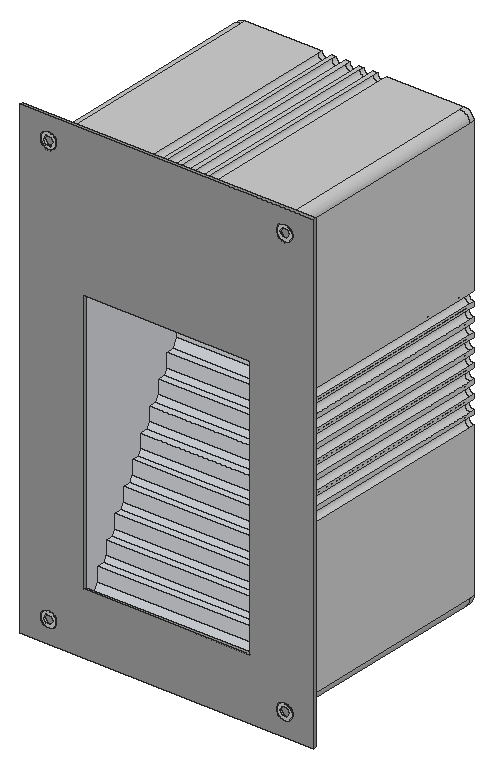
Revit family "WALL LIGHT 02_LK2007CW", category Luminarias, Revit 2019
Family settings
  Cota de conector redondo = Diámetro de uso
  Tipo de pieza = Normal
  Se basa en plano de trabajo = Sí
  Siempre vertical = No
  Corte con vacíos al cargar = No
  Origen de luz = Sí
  Compartido = No
  Punto de cálculo de habitación = No
Parameters (values of type "WALL LIGHT 02_LK2007CW")
  Zone [instance] = ""
  Watt per fixture = 4
  Wattage = 4 W
  built-in parameter 1150107 = 6000 (stored number, unit not read)
  Tamaño de símbolo de origen de luz = 500 mm
  built-in parameter 1150110 = 1 (stored number, unit not read)
  built-in parameter 1150109 = 1 (stored number, unit not read)
  built-in parameter 1150112 = 1 (stored number, unit not read)
  built-in parameter 1150113 = 1 (stored number, unit not read)
  built-in parameter 1114218 = 1 (stored number, unit not read)
  Keynote = ""
  built-in parameter 1150137 = (empty or 0)
  built-in parameter 1150132 = (empty or 0)
  Modelo = "LK2007CW"
  Lámpara = "SMD 3020"
  Longitud [instance] = 1000 mm
  built-in parameter 1150105 = 21.008 (stored number, unit not read)
  built-in parameter 1150102 = (empty or 0)
  built-in parameter 1150106 = 0.21008 (stored number, unit not read)
  Lumens = 66 lm
  Color Filter = 16777215
  built-in parameter 1114217 = 1 (stored number, unit not read)
  built-in parameter 1150139 = (empty or 0)
  Fabricante = "BRILLANT"
  Default Elevation = 0 mm
  built-in parameter 1150104 = 1.5329 (stored number, unit not read)
  Descripción = "LUMINARIA TIPO RECTANGULAR PARA EMPOTRAR EN MURO CON CUERPO DE ALUMINIO FUNDIDO A PRESION CUBIERTO CON POLVO GRIS OSCURO, IP 65 USO PARA INTERIORES O EXTERIORES CON CUERPO DE 0.1KG, CUENTA CON 20 LED TIPO SMD3020 CON UNA POTENCIA TOTAL DE 4W, A UNA TEMPERATURA EN BLANCO FRIO 6000K CON 66 LUMENES, EFICIENCIA DE 16.5LM/W, IRC 80, APERTURA A 120 GRADOS EN STOCK, 38mA EN CORRIENTE DE OPERACIÓN, ALIMENTADA A 100-240V."
  built-in parameter 1150115 = 1 (stored number, unit not read)
  built-in parameter 1150114 = 1 (stored number, unit not read)
  Comentarios de vataje = "100-240V"
  built-in parameter 1150138 = (empty or 0)
  built-in parameter 1150134 = 5
  Circuit [instance] = ""
  Dimming Lamp Color Temperature Shift = (empty or 0)
  built-in parameter 1150133 = 10 (stored number, unit not read)
Reference planes
  plane 1 "Centro (Frontal/Posterior)": y = 0
  plane 2: z = 0
  plane 3 "Centro (Izquierda/Derecha)": x = 0
Forms (mm)
  Extrusion 1, solid, material "Acabado Blanco"
    sketch origin (0, 0, 0) x (1, 0, 0) y (0, 0, 1)
      loop
        line (-53, 171) -> (-53, 0) -> (53, 0) -> (53, 171) -> (-53, 171)
      loop
        line (-30, 117.305) -> (-30, 22.305) -> (30, 22.305) -> (30, 117.305) -> (-30, 117.305)
    from -1.076 to 0
  Extrusion 2, solid, material "Acero Inoxidable"
    sketch origin (0, 0, 0) x (1, 0, 0) y (0, 0, 1)
      loop
        arc (-39.538, 165.5) -> (-41.986, 164.486) -> (-43, 162.038) r 3.462
        line (-43, 162.038) -> (-43, 107.198)
        arc (-43, 107.198) -> (-41.302, 105.5) -> (-43, 103.802) r 1.698
        line (-43, 103.802) -> (-43, 102.198)
        arc (-43, 102.198) -> (-41.302, 100.5) -> (-43, 98.802) r 1.698
        line (-43, 98.802) -> (-43, 97.198)
        arc (-43, 97.198) -> (-41.302, 95.5) -> (-43, 93.802) r 1.698
        line (-43, 93.802) -> (-43, 92.198)
        arc (-43, 92.198) -> (-41.302, 90.5) -> (-43, 88.802) r 1.698
        line (-43, 88.802) -> (-43, 87.198)
        arc (-43, 87.198) -> (-41.302, 85.5) -> (-43, 83.802) r 1.698
        line (-43, 83.802) -> (-43, 82.198)
        arc (-43, 82.198) -> (-41.302, 80.5) -> (-43, 78.802) r 1.698
        line (-43, 78.802) -> (-43, 77.198)
        arc (-43, 77.198) -> (-41.302, 75.5) -> (-43, 73.802) r 1.698
        line (-43, 73.802) -> (-43, 72.198)
        arc (-43, 72.198) -> (-41.302, 70.5) -> (-43, 68.802) r 1.698
        line (-43, 68.802) -> (-43, 67.198)
        arc (-43, 67.198) -> (-41.302, 65.5) -> (-43, 63.802) r 1.698
        line (-43, 63.802) -> (-43, 8.5)
        arc (-43, 8.5) -> (-41.986, 6.052) -> (-39.538, 5.038) r 3.462
        line (-39.538, 5.038) -> (-11.698, 5.038)
        arc (-11.698, 5.038) -> (-10, 6.735) -> (-8.302, 5.038) r 1.698
        line (-8.302, 5.038) -> (-6.698, 5.038)
        arc (-6.698, 5.038) -> (-5, 6.735) -> (-3.302, 5.038) r 1.698
        line (-3.302, 5.038) -> (-1.698, 5.038)
        arc (-1.698, 5.038) -> (0, 6.735) -> (1.698, 5.038) r 1.698
        line (1.698, 5.038) -> (3.302, 5.038)
        arc (3.302, 5.038) -> (5, 6.735) -> (6.698, 5.038) r 1.698
        line (6.698, 5.038) -> (8.302, 5.038)
        arc (8.302, 5.038) -> (10, 6.735) -> (11.698, 5.038) r 1.698
        line (11.698, 5.038) -> (39.538, 5.038)
        arc (39.538, 5.038) -> (41.986, 6.052) -> (43, 8.5) r 3.462
        line (43, 8.5) -> (43, 63.802)
        arc (43, 63.802) -> (41.302, 65.5) -> (43, 67.198) r 1.698
        line (43, 67.198) -> (43, 68.802)
        arc (43, 68.802) -> (41.302, 70.5) -> (43, 72.198) r 1.698
        line (43, 72.198) -> (43, 73.802)
        arc (43, 73.802) -> (41.302, 75.5) -> (43, 77.198) r 1.698
        line (43, 77.198) -> (43, 78.802)
        arc (43, 78.802) -> (41.302, 80.5) -> (43, 82.198) r 1.698
        line (43, 82.198) -> (43, 83.802)
        arc (43, 83.802) -> (41.302, 85.5) -> (43, 87.198) r 1.698
        line (43, 87.198) -> (43, 88.802)
        arc (43, 88.802) -> (41.302, 90.5) -> (43, 92.198) r 1.698
        line (43, 92.198) -> (43, 93.802)
        arc (43, 93.802) -> (41.302, 95.5) -> (43, 97.198) r 1.698
        line (43, 97.198) -> (43, 98.802)
        arc (43, 98.802) -> (41.302, 100.5) -> (43, 102.198) r 1.698
        line (43, 102.198) -> (43, 103.802)
        arc (43, 103.802) -> (41.302, 105.5) -> (43, 107.198) r 1.698
        line (43, 107.198) -> (43, 162.038)
        arc (43, 162.038) -> (41.986, 164.486) -> (39.538, 165.5) r 3.462
        line (39.538, 165.5) -> (11.698, 165.5)
        arc (11.698, 165.5) -> (10, 163.802) -> (8.302, 165.5) r 1.698
        line (8.302, 165.5) -> (6.698, 165.5)
        arc (6.698, 165.5) -> (5, 163.802) -> (3.302, 165.5) r 1.698
        line (3.302, 165.5) -> (1.698, 165.5)
        arc (1.698, 165.5) -> (0, 163.802) -> (-1.698, 165.5) r 1.698
        line (-1.698, 165.5) -> (-3.302, 165.5)
        arc (-3.302, 165.5) -> (-5, 163.802) -> (-6.698, 165.5) r 1.698
        line (-6.698, 165.5) -> (-8.302, 165.5)
        arc (-8.302, 165.5) -> (-10, 163.802) -> (-11.698, 165.5) r 1.698
        line (-11.698, 165.5) -> (-39.538, 165.5)
      loop
        line (-38, 10.038) -> (-1.335, 10.038)
        arc (-1.335, 10.038) -> (0, 15.741) -> (1.335, 10.038) r 3.008
        line (1.335, 10.038) -> (38, 10.038) -> (38, 20.09) -> (35.031, 20.09) -> (35.031, 20.89) -> (36.594, 20.89) -> (36.594, 24.29) -> (35.031, 24.29) -> (35.031, 25.09) -> (38, 25.09) -> (38, 35.09) -> (35.031, 35.09) -> (35.031, 35.89) -> (36.594, 35.89) -> (36.594, 39.29) -> (35.031, 39.29) -> (35.031, 40.09) -> (38, 40.09) -> (38, 60.09) -> (35.031, 60.09) -> (35.031, 60.89) -> (36.594, 60.89) -> (36.594, 64.29) -> (35.031, 64.29) -> (35.031, 65.09) -> (38, 65.09) -> (38, 105.09) -> (35.031, 105.09) -> (35.031, 105.89) -> (36.594, 105.89) -> (36.594, 109.29) -> (35.031, 109.29) -> (35.031, 110.09) -> (38, 110.09) -> (38, 140.09) -> (35.031, 140.09) -> (35.031, 140.89) -> (36.594, 140.89) -> (36.594, 144.29) -> (35.031, 144.29) -> (35.031, 145.09) -> (38, 145.09) -> (38, 160.5) -> (1.335, 160.5)
        arc (1.335, 160.5) -> (0, 154.797) -> (-1.335, 160.5) r 3.008
        line (-1.335, 160.5) -> (-38, 160.5) -> (-38, 145.09) -> (-35.031, 145.09) -> (-35.031, 144.29) -> (-36.594, 144.29) -> (-36.594, 140.89) -> (-35.031, 140.89) -> (-35.031, 140.09) -> (-38, 140.09) -> (-38, 110.09) -> (-35.031, 110.09) -> (-35.031, 109.29) -> (-36.594, 109.29) -> (-36.594, 105.89) -> (-35.031, 105.89) -> (-35.031, 105.09) -> (-38, 105.09) -> (-38, 65.09) -> (-35.031, 65.09) -> (-35.031, 64.29) -> (-36.594, 64.29) -> (-36.594, 60.89) -> (-35.031, 60.89) -> (-35.031, 60.09) -> (-38, 60.09) -> (-38, 40.09) -> (-35.031, 40.09) -> (-35.031, 39.29) -> (-36.594, 39.29) -> (-36.594, 35.89) -> (-35.031, 35.89) -> (-35.031, 35.09) -> (-38, 35.09) -> (-38, 25.09) -> (-35.031, 25.09) -> (-35.031, 24.29) -> (-36.594, 24.29) -> (-36.594, 20.89) -> (-35.031, 20.89) -> (-35.031, 20.09) -> (-38, 20.09) -> (-38, 10.038)
      loop
        circle (0, 12.733) r 0.781
      loop
        circle (0, 157.805) r 0.781
    from -82.701 to -1.076
  Extrusion 3, solid, material "Acero Inoxidable"
    sketch origin (0, 0, 0) x (1, 0, 0) y (0, 0, 1)
      loop
        arc (-39.538, 165.5) -> (-41.986, 164.486) -> (-43, 162.038) r 3.462
        line (-43, 162.038) -> (-43, 107.198)
        arc (-43, 107.198) -> (-41.302, 105.5) -> (-43, 103.802) r 1.698
        line (-43, 103.802) -> (-43, 102.198)
        arc (-43, 102.198) -> (-41.302, 100.5) -> (-43, 98.802) r 1.698
        line (-43, 98.802) -> (-43, 97.198)
        arc (-43, 97.198) -> (-41.302, 95.5) -> (-43, 93.802) r 1.698
        line (-43, 93.802) -> (-43, 92.198)
        arc (-43, 92.198) -> (-41.302, 90.5) -> (-43, 88.802) r 1.698
        line (-43, 88.802) -> (-43, 87.198)
        arc (-43, 87.198) -> (-41.302, 85.5) -> (-43, 83.802) r 1.698
        line (-43, 83.802) -> (-43, 82.198)
        arc (-43, 82.198) -> (-41.302, 80.5) -> (-43, 78.802) r 1.698
        line (-43, 78.802) -> (-43, 77.198)
        arc (-43, 77.198) -> (-41.302, 75.5) -> (-43, 73.802) r 1.698
        line (-43, 73.802) -> (-43, 72.198)
        arc (-43, 72.198) -> (-41.302, 70.5) -> (-43, 68.802) r 1.698
        line (-43, 68.802) -> (-43, 67.198)
        arc (-43, 67.198) -> (-41.302, 65.5) -> (-43, 63.802) r 1.698
        line (-43, 63.802) -> (-43, 8.5)
        arc (-43, 8.5) -> (-41.986, 6.052) -> (-39.538, 5.038) r 3.462
        line (-39.538, 5.038) -> (-11.698, 5.038)
        arc (-11.698, 5.038) -> (-10, 6.735) -> (-8.302, 5.038) r 1.698
        line (-8.302, 5.038) -> (-6.698, 5.038)
        arc (-6.698, 5.038) -> (-5, 6.735) -> (-3.302, 5.038) r 1.698
        line (-3.302, 5.038) -> (-1.698, 5.038)
        arc (-1.698, 5.038) -> (0, 6.735) -> (1.698, 5.038) r 1.698
        line (1.698, 5.038) -> (3.302, 5.038)
        arc (3.302, 5.038) -> (5, 6.735) -> (6.698, 5.038) r 1.698
        line (6.698, 5.038) -> (8.302, 5.038)
        arc (8.302, 5.038) -> (10, 6.735) -> (11.698, 5.038) r 1.698
        line (11.698, 5.038) -> (39.538, 5.038)
        arc (39.538, 5.038) -> (41.986, 6.052) -> (43, 8.5) r 3.462
        line (43, 8.5) -> (43, 63.802)
        arc (43, 63.802) -> (41.302, 65.5) -> (43, 67.198) r 1.698
        line (43, 67.198) -> (43, 68.802)
        arc (43, 68.802) -> (41.302, 70.5) -> (43, 72.198) r 1.698
        line (43, 72.198) -> (43, 73.802)
        arc (43, 73.802) -> (41.302, 75.5) -> (43, 77.198) r 1.698
        line (43, 77.198) -> (43, 78.802)
        arc (43, 78.802) -> (41.302, 80.5) -> (43, 82.198) r 1.698
        line (43, 82.198) -> (43, 83.802)
        arc (43, 83.802) -> (41.302, 85.5) -> (43, 87.198) r 1.698
        line (43, 87.198) -> (43, 88.802)
        arc (43, 88.802) -> (41.302, 90.5) -> (43, 92.198) r 1.698
        line (43, 92.198) -> (43, 93.802)
        arc (43, 93.802) -> (41.302, 95.5) -> (43, 97.198) r 1.698
        line (43, 97.198) -> (43, 98.802)
        arc (43, 98.802) -> (41.302, 100.5) -> (43, 102.198) r 1.698
        line (43, 102.198) -> (43, 103.802)
        arc (43, 103.802) -> (41.302, 105.5) -> (43, 107.198) r 1.698
        line (43, 107.198) -> (43, 162.038)
        arc (43, 162.038) -> (41.986, 164.486) -> (39.538, 165.5) r 3.462
        line (39.538, 165.5) -> (11.698, 165.5)
        arc (11.698, 165.5) -> (10, 163.802) -> (8.302, 165.5) r 1.698
        line (8.302, 165.5) -> (6.698, 165.5)
        arc (6.698, 165.5) -> (5, 163.802) -> (3.302, 165.5) r 1.698
        line (3.302, 165.5) -> (1.698, 165.5)
        arc (1.698, 165.5) -> (0, 163.802) -> (-1.698, 165.5) r 1.698
        line (-1.698, 165.5) -> (-3.302, 165.5)
        arc (-3.302, 165.5) -> (-5, 163.802) -> (-6.698, 165.5) r 1.698
        line (-6.698, 165.5) -> (-8.302, 165.5)
        arc (-8.302, 165.5) -> (-10, 163.802) -> (-11.698, 165.5) r 1.698
        line (-11.698, 165.5) -> (-39.538, 165.5)
    from -84.639 to -82.701
  Extrusion 4, void
    sketch origin (0, 0, 0) x (1, 0, 0) y (0, 0, 1)
      loop
        circle (-27.369, 149.109) r 5
      loop
        circle (27.772, 24.918) r 5
    from -84.639 to -82.701
  Extrusion 5, solid
    sketch origin (-5.531, 0, 17.605) x (0, 0, 1) y (0, -1, 0)
      loop
        line (-3.951, -1.076) -> (-8.951, -1.076) -> (-8.951, -3.993) -> (66.551, -46.683) -> (104.699, -46.683) -> (104.699, -1.076) -> (99.699, -1.076) -> (99.699, -41.683) -> (68.034, -41.683) -> (65.03, -39.985) -> (65.03, -37.252) -> (60.03, -37.252) -> (58.08, -36.15) -> (58.08, -33.323) -> (53.08, -33.323) -> (51.13, -32.22) -> (51.13, -29.393) -> (46.13, -29.393) -> (44.179, -28.29) -> (44.179, -25.463) -> (39.179, -25.463) -> (37.229, -24.36) -> (37.229, -21.533) -> (32.229, -21.533) -> (30.279, -20.43) -> (30.279, -17.603) -> (25.279, -17.603) -> (23.328, -16.501) -> (23.328, -13.674) -> (18.328, -13.674) -> (16.378, -12.571) -> (16.378, -9.744) -> (11.378, -9.744) -> (9.613, -8.746) -> (9.613, -5.919) -> (4.613, -5.919) -> (-3.951, -1.076)
    from -24.469 to 35.531
  Extrusion 6, solid
    sketch origin (0, 0, 0) x (1, 0, 0) y (0, 0, 1)
      loop
        line (-30, 117.305) -> (-30, 8.654) -> (30, 8.654) -> (30, 117.305) -> (-30, 117.305)
      loop
        line (-31.5, 118.805) -> (-31.5, 7.154) -> (31.5, 7.154) -> (31.5, 118.805) -> (-31.5, 118.805)
    from -1.076 to -48.145
  Extrusion 7, void
    sketch origin (0, 0, 0) x (1, 0, 0) y (0, 0, 1)
      loop
        circle (-42.647, 162.89) r 3.001
      loop
        circle (42.647, 162.89) r 3.001
      loop
        circle (-42.647, 8.11) r 3.001
      loop
        circle (42.647, 8.11) r 3.001
    from -0.64 to 0
  Extrusion 8, solid, material "Acero Inoxidable"
    sketch origin (0, 0, 0) x (1, 0, 0) y (0, 0, 1)
      loop
        line (-43.564, 164.479) -> (-44.481, 162.89) -> (-43.564, 161.301) -> (-41.73, 161.301) -> (-40.812, 162.89) -> (-41.73, 164.479) -> (-43.564, 164.479)
      loop
        circle (-42.647, 162.89) r 2.697
      loop
        line (43.564, 164.479) -> (41.73, 164.479) -> (40.812, 162.89) -> (41.73, 161.301) -> (43.564, 161.301) -> (44.481, 162.89) -> (43.564, 164.479)
      loop
        circle (42.647, 162.89) r 2.697
      loop
        line (-43.564, 6.521) -> (-41.73, 6.521) -> (-40.812, 8.11) -> (-41.73, 9.699) -> (-43.564, 9.699) -> (-44.481, 8.11) -> (-43.564, 6.521)
      loop
        circle (-42.647, 8.11) r 2.697
      loop
        line (43.564, 6.521) -> (44.481, 8.11) -> (43.564, 9.699) -> (41.73, 9.699) -> (40.812, 8.11) -> (41.73, 6.521) -> (43.564, 6.521)
      loop
        circle (42.647, 8.11) r 2.697
    from -0.582 to 0
Cuts and joins
  Extrusion 4, Extrusion 7 cuts Extrusion 1
  Extrusion 4 cuts Extrusion 3
  joined: Extrusion 2, Extrusion 3
Lines and regions (mm)
  model lines
    curve 1: line (0, 65, 10.35) -> (0, 40, 10.35)
Dimensions and locks
  Extrusion 2 sketch curve to Extrusion 2 sketch curve = 160.462 mm
  Extrusion 2 sketch curve to Extrusion 2 sketch curve = 86 mm
  plane 1 "Centro (Frontal/Posterior)" to Extrusion 2 = 82.701 mm
  cut or joined group of Extrusion 2, Extrusion 3, Extrusion 4 to cut or joined group of Extrusion 2, Extrusion 3, Extrusion 4 = 160.462 mm
  cut or joined group of Extrusion 1, Extrusion 4, Extrusion 7 to cut or joined group of Extrusion 1, Extrusion 4, Extrusion 7 = 171 mm
  cut or joined group of Extrusion 1, Extrusion 4, Extrusion 7 to cut or joined group of Extrusion 2, Extrusion 3, Extrusion 4 = 84.639 mm
  cut or joined group of Extrusion 1, Extrusion 4, Extrusion 7 to level = 117.305 mm
  level to cut or joined group of Extrusion 1, Extrusion 4, Extrusion 7 = 117.305 mm
  cut or joined group of Extrusion 1, Extrusion 4, Extrusion 7 to cut or joined group of Extrusion 1, Extrusion 4, Extrusion 7 = 106 mm
  cut or joined group of Extrusion 1, Extrusion 4, Extrusion 7 to cut or joined group of Extrusion 1, Extrusion 4, Extrusion 7 = 60 mm
  cut or joined group of Extrusion 2, Extrusion 3, Extrusion 4 to cut or joined group of Extrusion 2, Extrusion 3, Extrusion 4 = 86 mm
  aligned and locked: level to plane 2
  aligned and locked: Extrusion 2 to Extrusion 3
  aligned and locked: Extrusion 3 to Extrusion 4
  aligned and locked: Extrusion 4 to Extrusion 2
Connectors
  electrical at (0, 84.639, 85.399)
    settings: on cut or joined group of Extrusion 2, Extrusion 3, Extrusion 4, index 1, voltage 240 V, apparent load 0 VA, apparent load phase1 0 VA, apparent load phase2 0 VA, apparent load phase3 0 VA, power factor 1, load classification "Otro", number of poles 1, system type 31, power factor state 1, is connector primary yes, connector utility no, sub classification motor no, connector description ""
